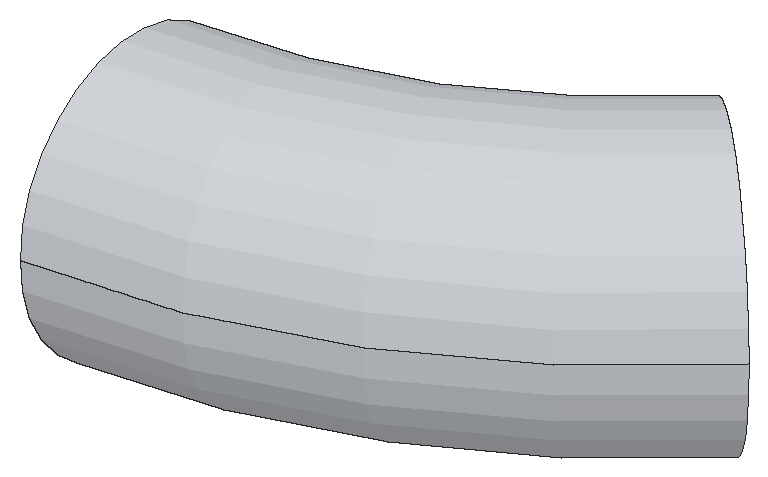
Revit family "Bogen Stahl - Bauart 5 - DIN2605", category Rohrformteile, Revit 2016
Family settings
  Teiletyp = Bogen
  Bemaßung runder Anschluss = Radius verwenden
  OmniClass-Nummer = 23.60.30.11.14
  OmniClass-Titel = Pipework Fittings
  Arbeitsebenenbasiert = Nein
  Immer vertikal = Ja
  Beim Laden mit Abzugskörper schneiden = Nein
  Gemeinsam genutzt = Nein
Parameters (values of type "Allgemein")
  DN [instance] = size_lookup(Name der Abruftabelle, "ORad", Nenndurchmesser, Nenndurchmesser)  # 60.3 mm
  Außenradius [instance] = DN / 2  # 30.15 mm
  Nennradius [instance] = 25 mm
  Nenndurchmesser [instance] = Nennradius * 2  # 50 mm
  Verlustberechnungsmethode = K-Koeffizient aus Tabelle
  Name der Abruftabelle = "Elbow Steel DIN 2605"
  Länge 2 [instance] = Bogenradius - Bogenradius * cos(Winkel)  # 39.541 mm
  Länge 1 [instance] = Bogenradius * sin(Winkel)  # 95.459 mm
  K-Koeffizient-Tabelle = "Regular 45, 90 and 180 Elbow"
  Abstand Mittelpunkt Ende [instance] = Radius 1 * tan(Winkel / 2)  # 55.919 mm
  Radius 1 [instance] = if(Bogenradius < Außenradius + 1 mm, Außenradius + 1 mm, Bogenradius)  # 135 mm
  Bogenradius [instance] = size_lookup(Name der Abruftabelle, "CRad5", Nenndurchmesser, Nenndurchmesser)  # 135 mm
  Winkel [instance] = 45.00°
Reference planes
  plane 1 "Mitte (Vorne/Hinten)": y = 0
  plane 2: z = 0
  plane 3 "Mitte (Links/Rechts)": x = 0
  plane 4: x = -55.919
  plane 5: y = 135
  plane 6: y = 25
  plane 7: y = -25
  plane 8: z = 25
  plane 9: z = -25
  plane 10: x = 39.541
  plane 11: y = 39.541
Forms (mm)
  Sweep 1, solid, detail levels fine
    path in 3D
      loop
        arc (-55.919, 0, 0) -> (-4.257, 10.276, 0) -> (39.541, 39.541, 0) r 135
    profile origin (-4.257, 10.276, 0) x (-0.382683, 0.92388, 0) y (0, 0, 1)
      loop
        circle (0, 0) r 30.15
Lines and regions (mm)
  reference lines
    curve 1: arc (-55.919, 0, 0) -> (-4.257, 10.276, 0) -> (39.541, 39.541, 0) r 135
    curve 6: line (-55.919, 135, 0) -> (-21.634, 100.715, 0)
    curve 7: line (-55.919, 135, 0) -> (-22.749, 168.17, 0)
    curve 8: line (66.514, 66.514, 0) -> (11.811, 11.811, 0)
    curve 9: line (43.388, 78.743, 0) -> (25.71, 61.066, 0)
    curve 10: line (78.743, 43.388, 0) -> (61.066, 25.71, 0)
    curve 14: line (-55.919, 135, 0) -> (-55.919, 0, 0)
  sketch lines
    curve 2: arc (-55.919, 0, 0) -> (-4.257, 10.276, 0) -> (39.541, 39.541, 0) r 135
  model lines, style "Symbol", detail levels coarse+medium
    curve 3: line (-55.919, 0, 25) -> (-55.919, 0, -25)
    curve 5: line (-55.919, 25, 0) -> (-55.919, -25, 0)
    curve 12: line (21.863, 57.218, 0) -> (57.218, 21.863, 0)
    curve 15: arc (-55.919, 0, 0) -> (-4.257, 10.276, 0) -> (39.541, 39.541, 0) r 135
    curve 16: line (39.541, 39.541, 25) -> (39.541, 39.541, -25)
  model lines, detail levels coarse+medium
    curve 4: line (-55.919, 25, 0) -> (-55.919, -25, 0)
    curve 11: line (21.863, 57.218, 0) -> (57.218, 21.863, 0)
    curve 13: arc (-55.919, 0, 0) -> (-4.257, 10.276, 0) -> (39.541, 39.541, 0) r 135
Dimensions and locks
  "Abstand Mittelpunkt Ende": plane 4 to plane 3 "Mitte (Links/Rechts)"
  "Radius 1": plane 5 to plane 1 "Mitte (Vorne/Hinten)"
  locked: plane 5 to curve 1 at 0
  locked: plane 4 to curve 1 at 0
  "Nennradius": plane 6 to plane 1 "Mitte (Vorne/Hinten)"
  equal spacing: plane 6, plane 1 "Mitte (Vorne/Hinten)", plane 7
  "Radius 1": curve 7 to curve 8
  "Nennradius": curve 9 to curve 8
  "Nennradius": curve 8 to curve 10
  "Nennradius": plane 8 to plane 2
  "Nennradius": plane 9 to plane 2
  "Länge 1": plane 4 to plane 10
  "Länge 2": plane 11 to plane 1 "Mitte (Vorne/Hinten)"
  "Radius 1": radius of curve 1
  "Außenradius": radius of Sweep 1 sketch curve
  "Radius 1": radius of curve 13
  "Radius 1": radius of curve 15
  "Winkel": angle curve 1 to curve 1
  "Winkel": angle plane 4 to curve 6
  locked: curve 6 to curve 7 (angle 90.00°)
  locked: curve 6 to curve 8 (angle 90.00°)
  locked: curve 6 to curve 9 (angle 90.00°)
  locked: curve 6 to curve 10 (angle 90.00°)
  "Winkel": angle curve 13 to curve 13
  "Winkel": angle curve 15 to curve 15
  aligned and locked: plane 4 to curve 1
  aligned and locked: plane 1 "Mitte (Vorne/Hinten)" to curve 3
  aligned and locked: plane 6 to curve 4
  aligned and locked: plane 7 to curve 4
  aligned and locked: curve 4 to plane 4
  aligned and locked: plane 7 to curve 5
  aligned and locked: plane 6 to curve 5
  aligned and locked: curve 5 to plane 4
  aligned and locked: plane 4 to curve 6
  aligned and locked: plane 5 to curve 6
  aligned and locked: plane 4 to curve 7
  aligned and locked: plane 5 to curve 7
  aligned and locked: curve 9 to curve 11
  aligned and locked: curve 10 to curve 11
  aligned and locked: curve 6 to curve 11
  aligned and locked: curve 9 to curve 12
  aligned and locked: curve 10 to curve 12
  aligned and locked: curve 6 to curve 12
  aligned and locked: plane 4 to curve 13  (x2)
  aligned and locked: plane 1 "Mitte (Vorne/Hinten)" to curve 13
  aligned and locked: plane 5 to curve 14
  aligned and locked: curve 14 to plane 4
  aligned and locked: plane 5 to curve 15
  aligned and locked: plane 4 to curve 15  (x2)
  aligned and locked: plane 8 to curve 16
  aligned and locked: curve 16 to plane 9
  aligned and locked: curve 16 to plane 11
Automatic sketch dimensions
  curve 3 to curve 3 = 50 mm
  Sweep 1 sketch curve to profile plane = 0 mm
  profile plane to Sweep 1 sketch curve = 0 mm
  curve 6 to curve 8 = 39.215 mm
  curve 9 to curve 6 = 5.441 mm
  curve 10 to curve 6 = 5.441 mm
Connectors
  piping at (-55.919, 0, 0), diameter 50, driven by "Nennradius", driven by "Winkel"
    settings: on Sweep 1, index 1, connector inside diameter 50 mm, connector length 0 mm, flow factor 0, pipe flow 0.0 L/s, pressure drop 0.0 Pa, fitting loss kfactor 0, connector angle 45.00°, fixture units 0, engagement length 0 mm, angle of deflection 0.00°, flow configuration 0, flow direction 0, fitting loss method 0, system type 28, joint type 0, gender type 0, connector reference index 2, connector utility 0, adjustable connector no, is connector primary yes, connector description ""
  piping at (39.541, 39.541, 0), diameter 50, driven by "Nennradius", driven by "Winkel"
    settings: on Sweep 1, index 2, connector inside diameter 50 mm, connector length 0 mm, flow factor 0, pipe flow 0.0 L/s, pressure drop 0.0 Pa, fitting loss kfactor 0, connector angle 45.00°, fixture units 0, engagement length 0 mm, angle of deflection 0.00°, flow configuration 0, flow direction 0, fitting loss method 0, system type 28, joint type 0, gender type 0, connector reference index 1, connector utility 0, adjustable connector no, is connector primary no, connector description ""
